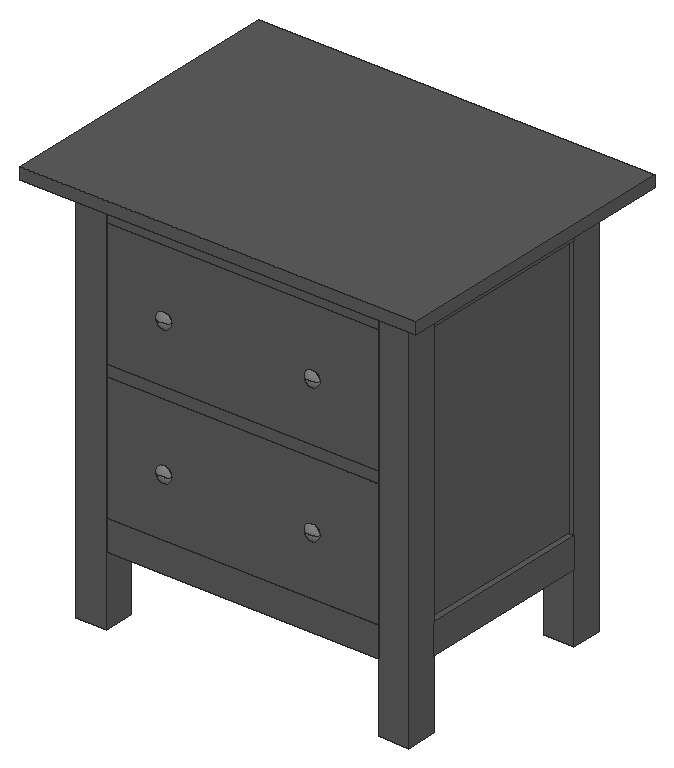
Revit family
Parameters (values of type "Black/Brown Finish")
  URL = "www.ikea.com"
  Model = "Hemnes"
  Manufacturer = "Ikea"
  Knobs = Stainless Steel
  Dresser = Pine - Black/Brown
  Description = "2 Drawer Chest"
  Cost = 99.99
  Article Number = "001.805.53"
Reference planes (in)
  plane 1 "Center Front/Back": y = 0
  plane 2: z = 0
  plane 3 "Center Left/Right": x = 0
  plane 4: x = -10.8125
  plane 5: y = 7.6875
  plane 6: z = 19.53125
  plane 7: z = 10.59375
  plane 8: z = 31.5
  plane 9: x = 10.8125
  plane 10: y = -7.6875
  plane 11: x = -4.8125
  plane 12: x = 4.8125
Forms (in)
  Extrusion 1, solid, material "Pine - Black/Brown" <- "Dresser"
    sketch origin (0, 0, 0) x (1, 0, 0) y (0, 1, 0)
      loop
        line (-10.8125, 7.6875) -> (-10.8125, 5.6875) -> (-8.8125, 5.6875) -> (-8.8125, 7.6875) -> (-10.8125, 7.6875)
      loop
        line (10.8125, 7.6875) -> (8.8125, 7.6875) -> (8.8125, 5.6875) -> (10.8125, 5.6875) -> (10.8125, 7.6875)
      loop
        line (-10.8125, -7.6875) -> (-8.8125, -7.6875) -> (-8.8125, -5.6875) -> (-10.8125, -5.6875) -> (-10.8125, -7.6875)
      loop
        line (10.8125, -7.6875) -> (10.8125, -5.6875) -> (8.8125, -5.6875) -> (8.8125, -7.6875) -> (10.8125, -7.6875)
    from 0 to 25.625
  Extrusion 2, solid, material "Pine - Black/Brown" <- "Dresser"
    sketch origin (0, 0, 25.625) x (1, 0, 0) y (0, 1, 0)
      loop
        line (-12.8125, 9.6875) -> (-12.8125, -9.6875) -> (12.8125, -9.6875) -> (12.8125, 9.6875) -> (-12.8125, 9.6875)
    from 0 to 0.75
  Extrusion 3, solid, material "Pine - Black/Brown" <- "Dresser"
    sketch origin (-19.625, -7.6875, 0.5) x (-1, 0, 0) y (0, 0, -1)
      loop
        line (-10.8125, -4) -> (-28.4375, -4) -> (-28.4375, -6) -> (-10.8125, -6) -> (-10.8125, -4)
    from 0 to -2
  Extrusion 4, solid, material "Pine - Black/Brown" <- "Dresser"
    sketch origin (-19.625, -7.6875, 19.625) x (-1, 0, 0) y (0, 0, -1)
      loop
        line (-10.8125, -4) -> (-28.4375, -4) -> (-28.4375, -6) -> (-10.8125, -6) -> (-10.8125, -4)
    from 0 to -2
  Extrusion 5, solid, material "Pine - Black/Brown" <- "Dresser"
    sketch origin (10.8125, -20.125, 2) x (0, 1, 0) y (0, 0, 1)
      loop
        line (14.4375, 2.5) -> (25.8125, 2.5) -> (25.8125, 4.5) -> (14.4375, 4.5) -> (14.4375, 2.5)
    from 0 to -2
  Extrusion 6, solid, material "Pine - Black/Brown" <- "Dresser"
    sketch origin (10.8125, -20.125, 21.125) x (0, 1, 0) y (0, 0, 1)
      loop
        line (14.4375, 2.5) -> (25.8125, 2.5) -> (25.8125, 4.5) -> (14.4375, 4.5) -> (14.4375, 2.5)
    from 0 to -2
  Extrusion 7, solid, material "Pine - Black/Brown" <- "Dresser"
    sketch origin (-10.8125, -20.125, 2) x (0, 1, 0) y (0, 0, -1)
      loop
        line (14.4375, -2.5) -> (14.4375, -4.5) -> (25.8125, -4.5) -> (25.8125, -2.5) -> (14.4375, -2.5)
    from 0 to -2
  Extrusion 8, solid, material "Pine - Black/Brown" <- "Dresser"
    sketch origin (-10.8125, -20.125, 21.125) x (0, 1, 0) y (0, 0, -1)
      loop
        line (14.4375, -2.5) -> (14.4375, -4.5) -> (25.8125, -4.5) -> (25.8125, -2.5) -> (14.4375, -2.5)
    from 0 to -2
  Extrusion 9, solid, material "Pine - Black/Brown" <- "Dresser"
    sketch origin (-19.625, 7.6875, 0.5) x (-1, 0, 0) y (0, 0, 1)
      loop
        line (-10.8125, 4) -> (-10.8125, 6) -> (-28.4375, 6) -> (-28.4375, 4) -> (-10.8125, 4)
    from 0 to -2
  Extrusion 10, solid, material "Pine - Black/Brown" <- "Dresser"
    sketch origin (-19.625, 7.6875, 19.625) x (-1, 0, 0) y (0, 0, 1)
      loop
        line (-10.8125, 4) -> (-10.8125, 6) -> (-28.4375, 6) -> (-28.4375, 4) -> (-10.8125, 4)
    from 0 to -2
  Extrusion 11, solid, material "Pine - Black/Brown" <- "Dresser"
    sketch origin (-10.8125, -20.125, 2) x (0, 1, 0) y (0, 0, -1)
      loop
        line (25.8125, -23.625) -> (25.8125, -4.5) -> (14.4375, -4.5) -> (14.4375, -23.625) -> (25.8125, -23.625)
    from -0.375 to -1
  Extrusion 12, solid, material "Pine - Black/Brown" <- "Dresser"
    sketch origin (10.8125, -20.125, 0) x (0, 1, 0) y (0, 0, 1)
      loop
        line (25.8125, 25.625) -> (14.4375, 25.625) -> (14.4375, 6.5) -> (25.8125, 6.5) -> (25.8125, 25.625)
    from -0.375 to -1
  Extrusion 13, solid, material "Pine - Black/Brown" <- "Dresser"
    sketch origin (0, 0, 0) x (1, 0, 0) y (0, 1, 0)
      loop
        line (-8.8125, 5.6875) -> (-8.8125, -6.0625) -> (8.8125, -6.0625) -> (8.8125, 5.6875) -> (-8.8125, 5.6875)
    from 4.5 to 5
  Extrusion 14, solid, material "Pine - Black/Brown" <- "Dresser"
    sketch origin (-19.625, 7.6875, 0.5) x (-1, 0, 0) y (0, 0, 1)
      loop
        line (-28.4375, 23.125) -> (-28.4375, 6) -> (-10.8125, 6) -> (-10.8125, 23.125) -> (-28.4375, 23.125)
    from -0.375 to -1
  Extrusion 15, solid, material "Pine - Black/Brown" <- "Dresser"
    sketch origin (20.3125, -7.6875, 10.5) x (1, 0, 0) y (0, 0, 1)
      loop
        line (-11.5, 4.1875) -> (-29.125, 4.1875) -> (-29.125, -4) -> (-11.5, -4) -> (-11.5, 4.1875)
    from 0 to -1
  Extrusion 16, solid, material "Stainless Steel" <- "Knobs"
    sketch origin (1.69339, -7.6875, 30.09389) x (1, 0, 0) y (0, 0, 1)
      loop
        circle (-6.5, -19.5) r 0.125
    from 0 to 0.375
  Revolve 17, solid, material "Stainless Steel" <- "Knobs"
    sketch origin (-24.4375, 4.75, 10.59375) x (-1, 0, 0) y (0, -1, 0)
      loop
        arc (-19.125, 12.8125) -> (-19.34549, 12.99652) -> (-19.625, 13.0625) r 0.625
        line (-19.625, 13.0625) -> (-19.625, 12.8125) -> (-19.125, 12.8125)
      axis (-19.625, 12.8125) -> (-19.625, 13.0625)
    angle from 0 to 360
  Extrusion 18, solid, material "Pine - Black/Brown" <- "Dresser"
    sketch origin (20.3125, -7.6875, 18.6875) x (1, 0, 0) y (0, 0, 1)
      loop
        line (-11.5, -3.25) -> (-29.125, -3.25) -> (-29.125, -4) -> (-11.5, -4) -> (-11.5, -3.25)
    from 0 to -1
  Extrusion 19, solid, material "Pine - Black/Brown" <- "Dresser"
    sketch origin (20.3125, -7.6875, 19.625) x (1, 0, 0) y (0, 0, 1)
      loop
        line (-11.5, 4) -> (-29.125, 4) -> (-29.125, -4.1875) -> (-11.5, -4.1875) -> (-11.5, 4)
    from 0 to -1
  Extrusion 20, solid, material "Stainless Steel" <- "Knobs"
    sketch origin (-1.69339, -7.6875, 30.09389) x (-1, 0, 0) y (0, 0, -1)
      loop
        circle (-6.5, 19.5) r 0.125
    from 0 to 0.375
  Revolve 21, solid, material "Stainless Steel" <- "Knobs"
    sketch origin (24.4375, 4.75, 10.59375) x (1, 0, 0) y (0, 1, 0)
      loop
        line (-19.125, -12.8125) -> (-19.625, -12.8125) -> (-19.625, -13.0625)
        arc (-19.625, -13.0625) -> (-19.34549, -12.99652) -> (-19.125, -12.8125) r 0.625
      axis (-19.625, -12.8125) -> (-19.625, -13.0625)
    angle from 0 to 360
  Extrusion 22, solid, material "Stainless Steel" <- "Knobs"
    sketch origin (1.69339, -7.6875, 0.03111) x (1, 0, 0) y (0, 0, 1)
      loop
        circle (-6.5, 19.5) r 0.125
    from 0 to 0.375
  Revolve 23, solid, material "Stainless Steel" <- "Knobs"
    sketch origin (-24.4375, 4.75, 19.53125) x (0, 1, 0) y (-1, 0, 0)
      loop
        arc (-12.8125, -19.125) -> (-12.99652, -19.34549) -> (-13.0625, -19.625) r 0.625
        line (-13.0625, -19.625) -> (-12.8125, -19.625) -> (-12.8125, -19.125)
      axis (-12.8125, -19.625) -> (-13.0625, -19.625)
    angle from 0 to 360
  Extrusion 24, solid, material "Stainless Steel" <- "Knobs"
    sketch origin (-1.69339, -7.6875, 0.03111) x (-1, 0, 0) y (0, 0, -1)
      loop
        circle (-6.5, -19.5) r 0.125
    from 0 to 0.375
  Revolve 25, solid, material "Stainless Steel" <- "Knobs"
    sketch origin (24.4375, 4.75, 19.53125) x (0, -1, 0) y (1, 0, 0)
      loop
        line (12.8125, -19.125) -> (12.8125, -19.625) -> (13.0625, -19.625)
        arc (13.0625, -19.625) -> (12.99652, -19.34549) -> (12.8125, -19.125) r 0.625
      axis (12.8125, -19.625) -> (13.0625, -19.625)
    angle from 0 to 360
Dimensions and locks (in)
  aligned and locked: level to plane 2
